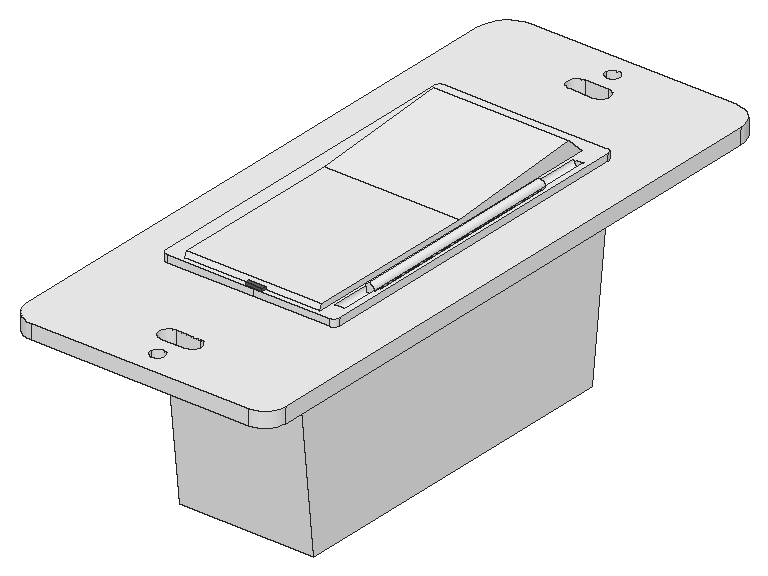
Revit family "RSD", category Communication Devices, host Face, Revit 2021
Family settings
  Host = Face
  Maintain Annotation Orientation = No
  Round Connector Dimension = Use Diameter
  Part Type = Normal
  OmniClass Number = 23.85.80.11.27
  OmniClass Title = Lighting Controls
  Cut with Voids When Loaded = No
  Shared = Yes
  Room Calculation Point = No
Parameters (values of type "RSD710")
  Warranty = "5-Years Warranty"  # constant formula
  Voltage = "120/277VAC"
  Type Comments = "Rocker Slide Dimmers"  # constant formula
  URL = "https://www.currentlighting.com/nxlightingcontrols"
  Switch Type = "Single-Pole & 3-Way"
  RSDL06 = 0.00"
  Mounting = "Single-gang NEMA-style switch box, Decorator-style wall plate"
  Model = "RSD710"
  Manufacturer = " NX Lighting Controls"  # constant formula
  Width = 1.75"
  Load Type = "0–10V, 0–10V Fluorescent (120V),\r\n0–10V Fluorescent (277V)"
  LED = yes
  Frequency = 60 Hz
  Features = "Rocker switch with slender dimmer control slide bar\r\n• Integrated linear full-range slide control for easy, precise operation\r\n• Separate ON/OFF switch that preserves the selected brightness setting\r\n• Provides single pole (one location) or 3-way (two location) lighting control\r\nwhen paired with a 3-way switch\r\n• Slim, compact housing fits easily into a standard wallbox\r\n• No fins for multi-gang installation\r\n• Built-in radio/TV interference filter"  # constant formula
  Black = Paint -  Carbon Black
  Height = 4.13"
  White = Paint -  Matte White
  Description = "Rocker-Slide Dimmer for Fluorescent Ballast and LED Power Supply, 0-10V Dimming, 1200VA@120VAC, 1500VA@277VAC,\r\n60Hz, Single Pole or 3-Way, Suitable for use with Class 1 or Class 2 wiring - White, Ivory & Light Almond"
  Default Elevation = 48.00"
  Copyright = "Copyright ©  NX Lighting Controls"  # constant formula
  Contact Us = ""
  Assembly Code = "D5090"
Types (5): name | Model | LED | Description
  (no name) | "RSD710" | yes | "Rocker-Slide Dimmer for Fluorescent Ballast and LED Power Supply, 0-10V Dimming, 1200VA@120VAC, 1500VA@277VAC,\r\n60Hz, Single Pole or 3-Way, Suitable for use with Class 1 or Class 2 wiring - White, Ivory & Light Almond"
  RSD710 | "RSD710" | yes | "Rocker-Slide Dimmer for Fluorescent Ballast and LED Power Supply, 0-10V Dimming, 1200VA@120VAC, 1500VA@277VAC,\r\n60Hz, Single Pole or 3-Way, Suitable for use with Class 1 or Class 2 wiring - White, Ivory & Light Almond"
  RSDL06 | "RSDL06" | yes | "Rocker-Slide Dimmer for Dimmable LED, CFL and Incandescent, Locator Light, 600W@120VAC Incandescent,\r\n300W@120VAC Dimmable LED and CFL, 60Hz, Single Pole or 3-Way - White, Ivory & Light Almond"
  RSDE06 | "RSDE06" | no | "Rocker-Slide Dimmer for Electronic Low Voltage, Dimmable LED and CFL, 600VA@120VAC Electronic Low Voltage,\r\n300W@120VAC Dimmable LED and CFL, 60Hz, Neutral Required, Single Pole or 3-Way - White, Ivory & Light Almond"
  RSDM10 | "RSDM10" | no | "Rocker-Slide Dimmer for MLV, Incandescent, Dimmable LED and CFL, Locator Light, 1000VA@120VAC MLV, 1000W@120VAC\r\nIncandescent, 450W@120VAC Dimmable LED and CFL, 60Hz, Single Pole or 3-Way - White, Ivory & Light Almond"
Reference planes (in)
  plane 1 "Center (Front/Back)": y = 13.01342
  plane 2: z = 0
  plane 3 "Center (Left/Right)": x = 0
  plane 4: x = -0.875
  plane 5: x = 0.875
  plane 6: y = 15.07842
  plane 7: y = 10.94842
  plane 8: z = -1.32
  plane 9: z = 0.3
Forms (in)
  Extrusion 1, solid, material "Paint -  Matte White" <- "White"
    sketch origin (0, 0, -0.5) x (1, 0, 0) y (0, 1, 0)
      loop
        arc (-0.67464, 15.07842) -> (-0.81632, 15.01973) -> (-0.875, 14.87806) r 0.20036
        line (-0.875, 14.87806) -> (-0.875, 11.10356)
        arc (-0.875, 11.10356) -> (-0.82956, 10.99386) -> (-0.71986, 10.94842) r 0.15514
        line (-0.71986, 10.94842) -> (0.73768, 10.94842)
        arc (0.73768, 10.94842) -> (0.83478, 10.98864) -> (0.875, 11.08574) r 0.13732
        line (0.875, 11.08574) -> (0.875, 14.89733)
        arc (0.875, 14.89733) -> (0.82196, 15.02538) -> (0.69391, 15.07842) r 0.18109
        line (0.69391, 15.07842) -> (-0.67464, 15.07842)
      loop
        circle (0, 14.92027) r 0.04866
      loop
        arc (0.07312, 14.66031) -> (0.13646, 14.72365) -> (0.07312, 14.78699) r 0.06334
        line (0.07312, 14.78699) -> (-0.08305, 14.78699)
        arc (-0.08305, 14.78699) -> (-0.14639, 14.72365) -> (-0.08305, 14.66031) r 0.06334
        line (-0.08305, 14.66031) -> (0.07312, 14.66031)
      loop
        circle (0, 11.10657) r 0.04866
      loop
        line (0.07312, 11.36652) -> (-0.08305, 11.36652)
        arc (-0.08305, 11.36652) -> (-0.14639, 11.30319) -> (-0.08305, 11.23985) r 0.06334
        line (-0.08305, 11.23985) -> (0.07312, 11.23985)
        arc (0.07312, 11.23985) -> (0.13646, 11.30319) -> (0.07312, 11.36652) r 0.06334
    from 0.6 to 0.5
  Extrusion 2, solid, material "Paint -  Matte White" <- "White"
    sketch origin (0, 0, 0) x (1, 0, 0) y (0, 1, 0)
      loop
        arc (-0.57385, 14.22705) -> (-0.6012, 14.21572) -> (-0.61252, 14.18838) r 0.03867
        line (-0.61252, 14.18838) -> (-0.61252, 11.94372)
        arc (-0.61252, 11.94372) -> (-0.60033, 11.91428) -> (-0.57089, 11.90209) r 0.04164
        line (-0.57089, 11.90209) -> (0, 11.90209) -> (0.51541, 11.90209)
        arc (0.51541, 11.90209) -> (0.5413, 11.91281) -> (0.55202, 11.93869) r 0.03661
        line (0.55202, 11.93869) -> (0.55202, 14.18747)
        arc (0.55202, 14.18747) -> (0.54043, 14.21546) -> (0.51244, 14.22705) r 0.03957
        line (0.51244, 14.22705) -> (0, 14.22705) -> (-0.57385, 14.22705)
    from 0.14375 to 0.1
  Blend 3, solid, material "Paint -  Matte White" <- "White"
    base sketch origin (0, 0, 0) x (1, 0, 0) y (0, 1, 0)
      loop
        line (-0.48509, 14.38019) -> (-0.48509, 11.75019) -> (0.41835, 11.75019) -> (0.41835, 14.38019) -> (-0.48509, 14.38019)
    top sketch origin (0, 0, 0) x (1, 0, 0) y (0, 1, 0)
      loop
        line (-0.48509, 14.22705) -> (-0.48509, 11.90209) -> (0.41139, 11.90209) -> (0.41139, 14.22705) -> (-0.48509, 14.22705)
    from 0 to -1.32
  Extrusion 4, solid, material "Paint -  Matte White" <- "White"
    sketch origin (0, 0, 0) x (0, 1, 0) y (0, 0, 1)
      loop
        line (14.02763, 0.24504) -> (13.11169, 0.17539) -> (11.95605, 0.17539) -> (11.94029, 0.14159) -> (14.13107, 0.14159) -> (14.02763, 0.24504)
    from 0.42112 to -0.48509
  Extrusion 5, void
    sketch origin (0, 13.01342, 0) x (1, 0, 0) y (0, 0, 1)
      loop
        arc (0.44792, 0.14375) -> (0.48167, 0.11) -> (0.51541, 0.14375) r 0.03375
        line (0.51541, 0.14375) -> (0.44792, 0.14375)
    from 0.98027 to -1.01421
  Extrusion 6, solid, material "Paint -  Matte White" <- "White"
    sketch origin (0, 13.01342, 0) x (1, 0, 0) y (0, 0, 1)
      loop
        circle (0.48167, 0.14375) r 0.031
    from 0.72717 to -0.69633
  Extrusion 7, solid, material "Paint -  Carbon Black" <- "Black", visible <- "LED"
    sketch origin (0, 0, 0.14375) x (1, 0, 0) y (0, 1, 0)
      loop
        line (-0.05396, 11.90896) -> (0.05826, 11.90896) -> (0.05826, 11.93996) -> (-0.05396, 11.93996) -> (-0.05396, 11.90896)
    from 0.01662 to 0
Cuts and joins
  Extrusion 5 cuts Extrusion 1
  Extrusion 5 cuts Extrusion 2
  joined: Extrusion 1, Extrusion 2
Dimensions and locks (in)
  plane 2 to plane 8 = 1.32"
  "Width": plane 4 to plane 5
  equal spacing: plane 4, plane 3 "Center (Left/Right)", plane 5
  "Height": plane 7 to plane 6
  equal spacing: plane 7, plane 1 "Center (Front/Back)", plane 6
  plane 9 to plane 8 = 1.62"
  plane 8 to plane 2 = 1.32"
  aligned and locked: plane 2 to host face
  aligned and locked: level to host face
Automatic sketch dimensions
  host sketch curve to host sketch curve = 96.00"  (x2)
  plane 4 to Blend 3 sketch curve = 0.38991"  (x2)
  plane 3 "Center (Left/Right)" to Blend 3 sketch curve = 0.41835"
  Blend 3 sketch curve to plane 7 = 0.80177"
  plane 6 to Blend 3 sketch curve = 0.69823"
  plane 3 "Center (Left/Right)" to Blend 3 sketch curve = 0.41139"
  Blend 3 sketch curve to plane 7 = 0.95367"
  plane 6 to Blend 3 sketch curve = 0.85137"
  Extrusion 1 sketch curve to plane 4 = 0.00"
  plane 7 to Extrusion 1 sketch curve = 0.00"
  plane 6 to Extrusion 1 sketch curve = 0.00"
  Extrusion 1 sketch curve to plane 3 "Center (Left/Right)" = 0.00"  (x2)
  Extrusion 1 sketch curve to plane 5 = 0.00"
  plane 4 to Extrusion 1 sketch curve = 0.15514"
  plane 4 to Extrusion 1 sketch curve = 0.20036"
  Extrusion 1 sketch curve to plane 3 "Center (Left/Right)" = 0.08305"  (x2)
  plane 3 "Center (Left/Right)" to Extrusion 1 sketch curve = 0.07312"  (x2)
  Extrusion 1 sketch curve to plane 5 = 0.18109"
  Extrusion 1 sketch curve to Extrusion 1 sketch curve = 0.13732"
  Extrusion 1 sketch curve to plane 7 = 0.15815"
  Extrusion 1 sketch curve to Extrusion 1 sketch curve = 0.13328"  (x2)
  Extrusion 1 sketch curve to Extrusion 1 sketch curve = 0.06334"  (x2)
  plane 6 to Extrusion 1 sketch curve = 0.41811"
  Extrusion 2 sketch curve to plane 3 "Center (Left/Right)" = 0.00"  (x2)
  plane 4 to Extrusion 2 sketch curve = 0.30411"
  plane 4 to Extrusion 2 sketch curve = 0.30115"
  Extrusion 2 sketch curve to Extrusion 2 sketch curve = 0.03867"
  Extrusion 2 sketch curve to plane 5 = 0.36256"
  Extrusion 2 sketch curve to plane 5 = 0.35959"
  Extrusion 2 sketch curve to Extrusion 2 sketch curve = 0.03957"
  Extrusion 2 sketch curve to plane 7 = 0.95367"
  plane 6 to Extrusion 2 sketch curve = 0.89095"
  level to Extrusion 5 sketch curve = 0.14375"
  Extrusion 5 sketch curve to plane 5 = 0.39333"
  Extrusion 5 sketch curve to Extrusion 5 sketch curve = 0.03375"
  level to Extrusion 6 sketch curve = 0.14375"
  Extrusion 6 sketch curve to plane 5 = 0.39333"
  level to Extrusion 4 sketch curve = 0.14159"
  Extrusion 4 sketch curve to plane 7 = 0.99187"
  Extrusion 4 sketch curve to Extrusion 4 sketch curve = 0.01576"
  Extrusion 4 sketch curve to plane 1 "Center (Front/Back)" = 0.09828"
  plane 9 to Extrusion 4 sketch curve = 0.05496"
  Extrusion 4 sketch curve to Extrusion 4 sketch curve = 0.10345"
  plane 9 to Extrusion 4 sketch curve = 0.12461"
  Extrusion 4 sketch curve to Extrusion 4 sketch curve = 0.91593"
  Extrusion 7 sketch curve to Extrusion 2 = 0.03787"
  Extrusion 7 sketch curve to Extrusion 2 = 0.55856"
  Extrusion 7 sketch curve to Extrusion 7 sketch curve = 0.11222"
  Extrusion 7 sketch curve to Extrusion 2 = 0.00687"
  radius of Extrusion 1 sketch curve = 0.04866"  (x2)
  radius of Extrusion 6 sketch curve = 0.031"
Connectors (in)
  electrical at (0.00464, 13.0023, 0.1)
    settings: on cut or joined group of Extrusion 1, Extrusion 2, Extrusion 5, index 1, voltage 0 V, apparent load 0 VA, apparent load phase1 0 VA, apparent load phase2 0 VA, apparent load phase3 0 VA, power factor 1, load classification "Other", number of poles 1, system type 14, power factor state 1, is connector primary yes, connector utility no, sub classification motor no, connector description "Wall Switch Occupancy Sensors"
